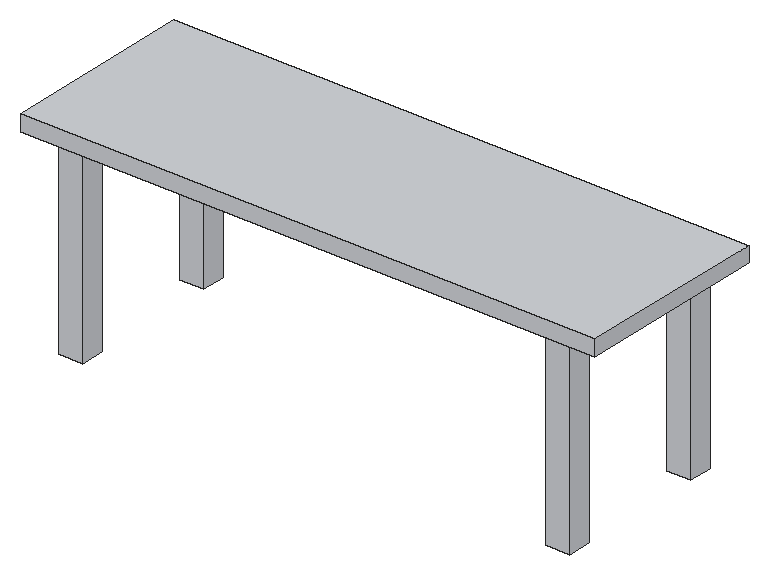
Revit family "Table Test", category Generic Models, Revit 2020
Family settings
  Can host rebar = No
  Round Connector Dimension = Use Diameter
  Part Type = Normal
  Work Plane-Based = No
  Always vertical = Yes
  Cut with Voids When Loaded = No
  Shared = No
  Room Calculation Point = No
Parameters
  Width [instance] = 6' - 0"
  Table Thickness [instance] = 0' - 2"
  Leg Width [instance] = 0' - 3"
  Leg Thickness [instance] = 0' - 3"
  Leg Length [instance] = 2' - 0"
  Leg Inset Depth [instance] = 0' - 1"
  Leg Inset Width [instance] = 0' - 4"
  Depth [instance] = 2' - 0"
  Default Elevation = 0' - 0"
Reference planes (in)
  plane 1 "Center (Front/Back)": y = 0
  plane 2 "Ground": z = 0
  plane 3 "Center (Left/Right)": x = 0
  plane 4: x = 36
  plane 5: x = -36
  plane 6: y = 12
  plane 7: y = -12
  plane 8 "Tabletop Bottom": z = 24
  plane 9 "Tabletop Top": z = 26
  plane 10 "Left Leg": x = -32
  plane 11 "Right Leg": x = 32
  plane 12 "Back Legs": y = 11
  plane 13 "Front Legs": y = -11
  plane 14 "Leg Inside Left": x = -29
  plane 15 "Leg Inside Right": x = 29
  plane 16 "Leg inside Front": y = -8
  plane 17 "Leg Inside Bottom": z = 3
  plane 18 "Leg Inside Top": z = 21
  plane 19 "Leg Inside Back": y = 8
Forms (in)
  Extrusion 1, solid
    sketch origin (-60, -180, 24) x (-1, 0, 0) y (0, -1, 0)
      loop
        line (-24, -168) -> (-96, -168) -> (-96, -192) -> (-24, -192) -> (-24, -168)
    from 0 to 2 <- "Table Thickness"
  Extrusion 2, solid
    sketch origin (0, 0, 0) x (1, 0, 0) y (0, 1, 0)
      loop
        line (-32, -11) -> (-29, -11) -> (-29, -8) -> (-32, -8) -> (-32, -11)
      loop
        line (-32, 8) -> (-29, 8) -> (-29, 11) -> (-32, 11) -> (-32, 8)
      loop
        line (29, 8) -> (32, 8) -> (32, 11) -> (29, 11) -> (29, 8)
      loop
        line (29, -11) -> (32, -11) -> (32, -8) -> (29, -8) -> (29, -11)
    from 0 to 24
Dimensions and locks (in)
  equal spacing: plane 6, plane 1 "Center (Front/Back)", plane 7
  "Depth": plane 6 to plane 7
  equal spacing: plane 5, plane 3 "Center (Left/Right)", plane 4
  "Width": plane 5 to plane 4
  "Table Thickness": plane 9 "Tabletop Top" to plane 8 "Tabletop Bottom"
  "Leg Inset Width": plane 5 to plane 10 "Left Leg"
  "Leg Inset Width": plane 11 "Right Leg" to plane 4
  "Leg Inset Depth": plane 13 "Front Legs" to plane 7
  "Leg Inset Depth": plane 6 to plane 12 "Back Legs"
  "Leg Width": plane 10 "Left Leg" to plane 14 "Leg Inside Left"
  "Leg Width": plane 15 "Leg Inside Right" to plane 11 "Right Leg"
  "Leg Thickness": plane 16 "Leg inside Front" to plane 13 "Front Legs"
  "Leg Thickness": plane 8 "Tabletop Bottom" to plane 18 "Leg Inside Top"
  "Leg Thickness": plane 17 "Leg Inside Bottom" to level
  "Leg Length": plane 8 "Tabletop Bottom" to plane 2 "Ground"
  "Leg Thickness": plane 19 "Leg Inside Back" to plane 12 "Back Legs"
  aligned and locked: plane 2 "Ground" to level
  aligned and locked: Extrusion 1 sketch curve to plane 7
  aligned and locked: Extrusion 1 sketch curve to plane 5
  aligned and locked: plane 6 to Extrusion 1 sketch curve
  aligned and locked: plane 4 to Extrusion 1 sketch curve
  aligned and locked: plane 19 "Leg Inside Back" to Extrusion 2  (x3)
  aligned and locked: plane 12 "Back Legs" to Extrusion 2  (x2)
  aligned and locked: plane 16 "Leg inside Front" to Extrusion 2  (x2)
  aligned and locked: Extrusion 2 to plane 13 "Front Legs"  (x2)
  aligned and locked: plane 10 "Left Leg" to Extrusion 2  (x2)
  aligned and locked: plane 14 "Leg Inside Left" to Extrusion 2  (x2)
  aligned and locked: plane 11 "Right Leg" to Extrusion 2  (x2)
  aligned and locked: plane 15 "Leg Inside Right" to Extrusion 2  (x2)
  aligned and locked: plane 8 "Tabletop Bottom" to Extrusion 2
Automatic sketch dimensions
  plane 5 to Extrusion 2 sketch curve = 0' - 4"
  Extrusion 2 sketch curve to Extrusion 2 sketch curve = 0' - 3"  (x5)
  Extrusion 2 sketch curve to plane 6 = 0' - 1"  (x2)
  Extrusion 2 sketch curve to plane 14 "Leg Inside Left" = 0' - 3"
  plane 7 to Extrusion 2 sketch curve = 0' - 4"  (x2)
  plane 15 "Leg Inside Right" to Extrusion 2 sketch curve = 0' - 0"  (x2)
  Extrusion 2 sketch curve to plane 15 "Leg Inside Right" = 0' - 3"
  Extrusion 2 sketch curve to plane 12 "Back Legs" = 0' - 3"  (x2)
